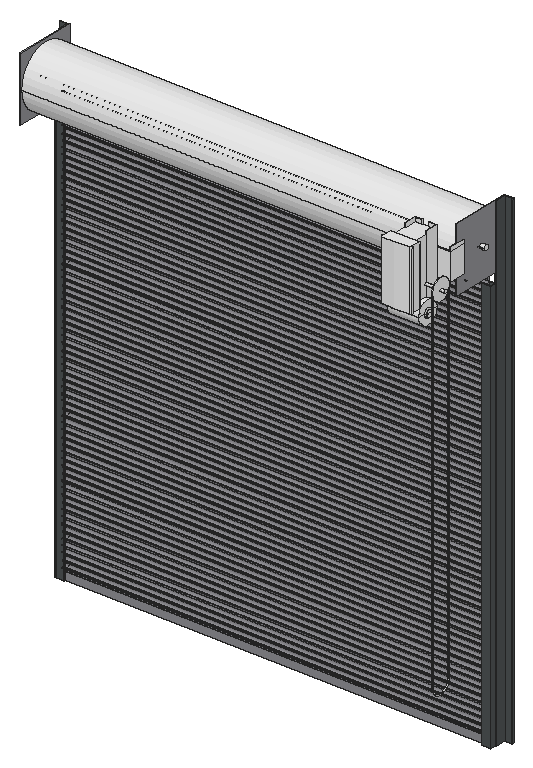
Revit family "Doors_Fire-Doors-Shutters_Overhead-Door-Corporation_FireKing-Fire-Rated-Service-Doors-634_", category Specialty Equipment, host Wall, Revit 2019 (continued)
Definition of nested family "Lifts"
  Dimensions and locks (in)
    aligned and locked: Extrusion 7 sketch curve to plane 1 "Center (Front/Back)"  (x2)
    aligned and locked: Extrusion 8 sketch curve to Extrusion 8 sketch curve  (x4)
    aligned and locked: plane 19 to Extrusion 8 sketch curve
    aligned and locked: Extrusion 8 sketch curve to plane 19
    aligned and locked: plane 4 "Opening Height" to Extrusion 8
    aligned and locked: Extrusion 5 sketch curve to plane 12 "Main"
    aligned and locked: plane 12 "Main" to Extrusion 4 sketch curve
    aligned and locked: Extrusion 9 sketch curve to plane 11  (x2)
    aligned and locked: Extrusion 9 sketch curve to plane 7  (x2)
    aligned and locked: plane 17 to Extrusion 9 sketch curve
    aligned and locked: Extrusion 9 sketch curve to plane 18
    aligned and locked: Masking region 2 sketch curve to Extrusion 4
    aligned and locked: Masking region 2 to curve 2  (x2)
    aligned and locked: Masking region 2 to curve 1  (x2)
    aligned and locked: Masking region 3 sketch curve to Extrusion 7  (x10)
    aligned and locked: Extrusion 7 to Masking region 3 sketch curve
    aligned and locked: Masking region 4 sketch curve to Extrusion 6  (x10)
    aligned and locked: Extrusion 2 to Extrusion 1
    aligned and locked: Extrusion 1 to Extrusion 2
    aligned and locked: curve 1 to Extrusion 9
    aligned and locked: Extrusion 9 to curve 2
    aligned and locked: Masking region 2 to plane 17
    aligned and locked: Masking region 2 to plane 18
    aligned and locked: plane 18 to Masking region 1 sketch curve
    aligned and locked: Masking region 1 sketch curve to plane 17
    aligned and locked: plane 20 to Extrusion 9 sketch curve
    aligned and locked: plane 21 to Extrusion 9 sketch curve
    aligned and locked: plane 20 to Extrusion 4
    aligned and locked: plane 20 to Extrusion 5
    aligned and locked: Extrusion 4 to plane 21
    aligned and locked: Extrusion 5 to plane 21
    aligned and locked: plane 13 to Extrusion 10 sketch curve
    aligned and locked: Extrusion 11 sketch curve to plane 12 "Main"
    aligned and locked: Extrusion 11 sketch curve to plane 7
    aligned and locked: Extrusion 11 sketch curve to plane 11
    aligned and locked: Extrusion 11 sketch curve to plane 8
    aligned and locked: Extrusion 11 to plane 20
    aligned and locked: Extrusion 11 to plane 21
    aligned and locked: plane 20 to Extrusion 10
    aligned and locked: Extrusion 10 to plane 21
    aligned and locked: plane 8 to Extrusion 9
    aligned and locked: Extrusion 11 to curve 3
    aligned and locked: plane 20 to curve 3
    aligned and locked: plane 21 to curve 3
    aligned and locked: Extrusion 7 to plane 7
    aligned and locked: plane 7 to Extrusion 6
    aligned and locked: Extrusion 4 sketch curve to plane 11
    aligned and locked: Extrusion 5 sketch curve to plane 11
  Automatic sketch dimensions
    Extrusion 2 sketch curve to level = 0"
    Extrusion 1 sketch curve to Extrusion 1 sketch curve = 3/8"
    plane 17 to Masking region 2 sketch curve = 0"
    Masking region 2 sketch curve to plane 18 = 0"
    Masking region 2 sketch curve to plane 1 "Center (Front/Back)" = 0"
    radius of Extrusion 3 sketch curve = 0.6"
Definition of nested family "Motor"
  Parameters (values of type "Trolley Motor")
    Wall Mount RSX = if(Chain Hoist, 1 = 2, if(Motor Option = 3, 1 = 1, 1 = 2))  # no
    Top Mount RSX = if(Chain Hoist, 1 = 2, if(Motor Option = 2, 1 = 1, 1 = 2))  # no
    Shaft Material = none
    Real Exterior Wall Offset = if(Wall Mount RSX, Displacement, Exterior Wall Offset + if(and(BJ, Bench Mount RSX, Hood Width < 19 1/2"), 2.6", 0"))  # 6"
    Not Chain Hoist = not(Chain Hoist)  # yes
    Not Bench + Top = not(or(Top Mount RSX, Chain Hoist, Bench Mount RSX))  # yes
    Horizontal Mount = if(Face Mount RSX, 5.08" + 0.12" + 2.38", if(Top Mount RSX, 11.19", if(Wall Mount RSX, 5.08", if(Bench Mount RSX, 4.77" + if(or(Hood Width < 14", Hood Width = 14"), 6.13", if(or(Hood Width < 16", Hood Width = 16"), 4.13", 3 1/4")), 0"))))  # 7.58"
    Not Fire King = if(Chain Hoist, 1 = 2, not(Chain Hoist))  # yes
    Vertical Mount = if(Face Mount RSX, 11.07" + Hood Height / 2, if(Top Mount RSX, 14.92" - 0.13" - 2.38", if(Wall Mount RSX, 20.03" + 6" + Hood Height / 2, if(Bench Mount RSX, 20" + 2.29" + Hood Height / 2, Hood Height))))  # 20.3825"
    Motor Type = if(Motor Option < 2, "RSX FDO Face Mount", if(Motor Option = 2, "RSX FDO Top Mount", if(Motor Option = 3, "RSX Wall Mount", if(Motor Option = 4, "RSX Bench Mount", "Chain Hoist"))))  # "RSX FDO Face Mount"
    Motor Option = 1
    Main Material = none
    Hood Width Real = if(Wall Mount RSX, 0", if(Chain Hoist, if(Hood Height < Hood Width, (Hood Width + (Hood Width - Hood Height)) / 2, Hood Width / 2), Hood Width))  # 17 1/2"
    Hood Width = 17 1/2"
    Hood Height = 18 5/8"
    Hood Mount = if(or(Face Mount RSX, Top Mount RSX), 0.37", if(Wall Mount RSX, if(BJ, 12.24" + BJ Displacement, 14.74"), if(Bench Mount RSX, 14.49", 4.26")))  # 0.37"
    Floor To Cl Shaft = 132 5/16"
    Fire King RHX = 1 = 2  # no
    Top Option Offset = if(or(Top Mount RSX, Bench Mount RSX), 20", 0")  # 0"
    Face+Top = if(Chain Hoist, 1 = 2, if(or(Face Mount RSX, Top Mount RSX), 1 = 1, 1 = 2))  # yes
    Face Mount RSX = if(Chain Hoist, 1 = 2, if(Motor Option < 2, 1 = 1, 1 = 2))  # yes
    Top + Bench = if(Chain Hoist, 1 = 2, if(or(Top Mount RSX, Bench Mount RSX), 1 = 1, 1 = 2))  # no
    Face + Top + Bench = if(Chain Hoist, 1 = 2, if(or(Face Mount RSX, Top Mount RSX, Bench Mount RSX), 1 = 1, 1 = 2))  # yes
    Exterior Wall Offset = 6"
    Displacement = 6"
    Default Elevation = 48"
    Chain V Offset = if(or(Face Mount RSX, Wall Mount RSX), 6.53", if(or(Top Mount RSX, Bench Mount RSX), 18.81", Hood Height / 2))  # 6.53"
    Chain H Offset = if(or(Face Mount RSX, Wall Mount RSX), 1.19", if(or(Top Mount RSX, Bench Mount RSX), 6.53", 0"))  # 1.19"
    Chain Hoist = no
    Bench Mount RSX = if(Chain Hoist, 1 = 2, if(Motor Option > 3, 1 = 1, 1 = 2))  # no
    BJ Displacement = 0"
    BJ = no
    Angle = if(or(Bench Mount RSX, Top Mount RSX), 90.00°, 180.00°)  # 180.00°
  Reference planes (in)
    plane 1 "Center (Front/Back)": y = 0
    plane 2: z = 0
    plane 3 "Center (Left/Right)": x = 0
    plane 4: y = 0
    plane 5: y = 1.19
    plane 6: z = -125.7825
    plane 7: z = -95.7825
    plane 8: z = 6.53
    plane 9 "Chain Hoist": z = 6.53
    plane 10 "Top Of Hood": z = 20.3825
    plane 11: y = 7.58
    plane 12: z = 0
    plane 13 "Hood Face": x = 6.8795
    plane 14: x = 7.2495
    plane 15: y = 25.08
    plane 16 "Wall": y = 31.08
  Forms (in)
    Extrusion 1, solid, material <- "Main Material", visible <- "Not Chain Hoist"
      sketch origin (0, 0, 18.8898) x (1, 0, 0) y (0, 1, 0)
        loop
          line (-4.134, -2.41307) -> (4.116, -2.41307) -> (4.116, -2.29347) -> (3.108, -2.29347)
          arc (3.108, -2.29347) -> (3.02315, -2.25832) -> (2.988, -2.17347) r 0.12
          line (2.988, -2.17347) -> (2.988, 4.96193) -> (-2.988, 4.96193) -> (-2.988, -2.17347)
          arc (-2.988, -2.17347) -> (-3.02315, -2.25832) -> (-3.108, -2.29347) r 0.12
          line (-3.108, -2.29347) -> (-4.134, -2.29347) -> (-4.134, -2.41307)
      from -16.64 to 0
    Extrusion 2, solid, material <- "Main Material", visible <- "Not Chain Hoist"
      sketch origin (0, 0, 18.8898) x (1, 0, 0) y (0, 1, 0)
        loop
          line (-4.134, -2.41307) -> (-4.134, -5.05565) -> (-4.3324, -5.05565) -> (-4.3324, -5.3122)
          arc (-4.3324, -5.3122) -> (-4.24466, -5.55085) -> (-4.02324, -5.67585) r 0.36846
          arc (-4.02324, -5.67585) -> (0, -6.0017) -> (4.02324, -5.67585) r 25
          arc (4.02324, -5.67585) -> (4.24466, -5.55085) -> (4.3324, -5.3122) r 0.36846
          line (4.3324, -5.3122) -> (4.3324, -5.05565) -> (4.116, -5.05565) -> (4.116, -2.41307) -> (-4.134, -2.41307)
      from -17 to 0.35839
    Revolve 3, solid, material <- "Main Material", visible <- "Not Fire King"
      sketch origin (2.0828, 5.66524, 0) x (0, -1, 0) y (1, 0, 0)
        loop
          line (5.66524, -9.0813) -> (5.66524, 3.1162) -> (4.82413, 3.1162) -> (4.82413, 2.7162) -> (4.39283, 2.7162) -> (4.39283, 2.4872) -> (2.44007, 2.4872) -> (2.44007, -6.6585) -> (3.79863, -6.6585) -> (3.79863, -7.51105) -> (3.89778, -7.6102) -> (5.36033, -7.6102) -> (5.36033, -7.8313) -> (4.69783, -7.8313) -> (4.69783, -9.0813) -> (5.66524, -9.0813)
        axis (5.66524, -9.0813) -> (5.66524, 3.1162)
      angle from 0 to 360
    Extrusion 4, solid, material <- "Main Material", visible <- "Wall Mount RSX"
      sketch origin (0, 0, 18.8898) x (1, 0, 0) y (0, 1, 0)
        loop
          line (-2.988, 5.08193) -> (-4.988, 5.08193) -> (-4.988, 4.96193) -> (-3.108, 4.96193) -> (-3.108, 1.46193) -> (-2.988, 1.46193) -> (-2.988, 5.08193)
        loop
          line (2.988, 5.08193) -> (2.988, 1.46193) -> (3.108, 1.46193) -> (3.108, 4.96193) -> (4.988, 4.96193) -> (4.988, 5.08193) -> (2.988, 5.08193)
      from -16.64 to 1.14
    Extrusion 5, solid, material <- "Main Material"
      sketch origin (0, 0.00141, 3.59957) x (0, 0, 1) y (0, -1, 0)
        loop
          circle (2.93043, -1.18859) r 3
      from 7.52 to 7.2495
    Sweep 6, solid, material <- "Main Material"
      path origin (7.38475, 9.53, 48) x (0, 1, 0) y (0, 0, 1)
        loop
          line (-11.34, -41.47) -> (-11.34, -143.7825)
          arc (-11.34, -143.7825) -> (-8.34, -146.7825) -> (-5.34, -143.7825) r 3
          line (-5.34, -143.7825) -> (-5.34, -41.47)
      profile origin (7.38475, -1.81, -44.62625) x (1, 0, 0) y (0, 1, 0)
        loop
          circle (0, 0.1) r 0.1
    Extrusion 7, solid, material <- "Main Material"
      sketch origin (0, 0.00141, 3.59957) x (0, 0, 1) y (0, -1, 0)
        loop
          circle (2.93043, -1.18859) r 0.4
      from 8.82 to 0
    Extrusion 8, solid, material <- "Main Material", visible <- "Face+Top"
      sketch origin (0, 0, 18.8898) x (1, 0, 0) y (0, 1, 0)
        loop
          line (7.2495, 5.08193) -> (7.2495, 9.82193) -> (7.1295, 9.82193) -> (7.1295, 5.20193) -> (-2.988, 5.20193) -> (-2.988, 5.08193) -> (7.2495, 5.08193)
      from -12.32 to -4.32
    Extrusion 9, solid, material <- "Main Material", visible <- "Face + Top + Bench"
      sketch origin (0.25, 0, 18.8898) x (1, 0, 0) y (0, 1, 0)
        loop
          line (-3.358, 5.08193) -> (-3.358, 1.46193) -> (-3.238, 1.46193) -> (-3.238, 4.96193) -> (-1.238, 4.96193) -> (-1.238, 5.08193) -> (-3.358, 5.08193)
        loop
          line (2.858, 5.08193) -> (0.738, 5.08193) -> (0.738, 4.96193) -> (2.738, 4.96193) -> (2.738, 1.46193) -> (2.858, 1.46193) -> (2.858, 5.08193)
      from -16.64 to 1.14
    Extrusion 10, solid, material <- "Main Material", visible <- "Face+Top"
      sketch origin (0, 0, 0) x (0, 0, 1) y (0, -1, 0)
        loop
          line (15.5698, -5.33193) -> (6.5698, -5.33193) -> (6.5698, -9.82193) -> (15.5698, -9.82193) -> (15.5698, -5.33193)
      from 6.8795 to 7.1295
    Extrusion 11, solid, material <- "Main Material", visible <- "Bench Mount RSX"
      sketch origin (0, 0, 18.8898) x (1, 0, 0) y (0, 1, 0)
        loop
          line (-6.9985, 5.08193) -> (3.108, 5.08193) -> (3.108, 5.20193) -> (-7.1205, 5.20193) -> (-7.1205, 1.33693) -> (-6.9985, 1.33693) -> (-6.9985, 5.08193)
      from -10.78 to -1.46
    Extrusion 12, solid, material <- "Main Material", visible <- "Bench Mount RSX"
      sketch origin (0, 0, 0) x (0, 0, 1) y (0, -1, 0)
        loop
          line (8.2698, -1.46193) -> (8.2698, -4.96193) -> (17.2698, -4.96193) -> (17.2698, -1.46193) -> (8.2698, -1.46193)
      from -7.24 to -7.1205
  Lines and regions (in)
    reference lines
      curve 1: line (0, 0, 0) -> (0, 0, 18.8898)
  Dimensions and locks (in)
    Extrusion 4 sketch curve to Extrusion 4 sketch curve = 3.62"
    locked: Extrusion 4 sketch curve to Extrusion 4 sketch curve at 0.12  (x3)
    "Chain H Offset": plane 4 to plane 5
    locked: plane 7 to plane 6 at 30
    locked: Sweep 6 sketch curve to profile plane at 0
    locked: profile plane to Sweep 6 sketch curve at 0.1
    locked: Sweep 6 sketch curve to Sweep 6 sketch curve at 6
    "Floor To Cl Shaft": plane 8 to plane 6
    "Horizontal Mount": plane 1 "Center (Front/Back)" to plane 11
    Extrusion 9 sketch curve to Extrusion 9 sketch curve = 3.62"
    locked: Extrusion 9 sketch curve to Extrusion 9 sketch curve at 0.12  (x3)
    "Top Option Offset": level to plane 12
    "Chain V Offset": plane 9 "Chain Hoist" to plane 12
    equal spacing: Sweep 6 sketch curve, plane 5, Sweep 6 sketch curve
    "Vertical Mount": plane 10 "Top Of Hood" to plane 12
    locked: Extrusion 2 sketch curve to Extrusion 2 sketch curve at 8.25
    locked: Extrusion 2 sketch curve to Extrusion 2 sketch curve at 2.64258
    locked: plane 3 "Center (Left/Right)" to plane 14 at 7.2495
    "Hood Mount": plane 13 "Hood Face" to plane 14
    locked: Extrusion 8 sketch curve to Extrusion 8 sketch curve at 0.12  (x2)
    locked: Extrusion 8 sketch curve to curve 1 at 5.08193
    "Hood Width Real": plane 11 to plane 15
    "Real Exterior Wall Offset": plane 15 to plane 16 "Wall"
    locked: Extrusion 8 sketch curve to Extrusion 8 sketch curve at 4.62
    Revolve 3 sketch curve to Revolve 3 sketch curve to Revolve 3 sketch curve to Revolve 3 sketch curve to Revolve 3 sketch curve to Revolve 3 sketch curve to Revolve 3 sketch curve = 1 1/4" locked, 0.2211" locked, 0.9517" locked, 9.1457" locked, 0.229" locked, 0.4" locked
    Revolve 3 sketch curve to Revolve 3 sketch curve to Revolve 3 sketch curve to Revolve 3 sketch curve to Revolve 3 sketch curve to Revolve 3 sketch curve to Revolve 3 sketch curve to Revolve 3 sketch curve = 0.30491" locked, 0.53619" locked, 0.12631" locked, 0.305" locked, 0.49505" locked, 0.09915" locked, 1.35856" locked
    locked: Extrusion 1 sketch curve to Extrusion 1 sketch curve at 0.1196
    locked: Extrusion 1 sketch curve to Extrusion 1 sketch curve at 5.976
    equal spacing: Extrusion 1 sketch curve, curve 1, Extrusion 1 sketch curve
    locked: curve 1 to Extrusion 1 sketch curve at 2.41307
    locked: Extrusion 1 sketch curve to Extrusion 1 sketch curve at 7.375
    locked: Extrusion 9 sketch curve to curve 1 at 1.46193
    equal spacing: Extrusion 4 sketch curve, curve 1, Extrusion 4 sketch curve
    locked: Extrusion 4 sketch curve to curve 1 at 1.46193
    locked: Extrusion 10 sketch curve to Extrusion 10 sketch curve at 4.49
    locked: Extrusion 10 sketch curve to Extrusion 10 sketch curve at 9
    locked: Extrusion 10 sketch curve to curve 1 at 9.82193
    locked: Extrusion 10 sketch curve to curve 1 at 6.5698
    locked: Revolve 3 sketch curve to plane 3 "Center (Left/Right)" at 4.5757
    locked: Extrusion 4 sketch curve to Extrusion 4 sketch curve at 5.976
    locked: Extrusion 9 sketch curve to plane 3 "Center (Left/Right)" at 2.988
    locked: plane 3 "Center (Left/Right)" to Extrusion 9 sketch curve at 3.108
    locked: Extrusion 4 sketch curve to Extrusion 4 sketch curve at 2
    locked: Extrusion 4 sketch curve to Extrusion 4 sketch curve at 1.88
    locked: Extrusion 8 sketch curve to Extrusion 8 sketch curve at 10.2375
    locked: curve 1 to Extrusion 8 sketch curve at 7.2495
    locked: Extrusion 1 sketch curve to Extrusion 1 sketch curve at 1.128
    locked: Extrusion 1 sketch curve to Extrusion 1 sketch curve at 1.146
    locked: curve 1 to Extrusion 2 sketch curve at 2.41307
    locked: Extrusion 11 sketch curve to Extrusion 11 sketch curve at 0.122
    locked: Extrusion 11 sketch curve to Extrusion 11 sketch curve at 0.12
    locked: Extrusion 11 sketch curve to curve 1 at 6.9985
    locked: Extrusion 11 sketch curve to curve 1 at 5.08193
    locked: Extrusion 11 sketch curve to Extrusion 11 sketch curve at 10.1065
    locked: Extrusion 11 sketch curve to Extrusion 11 sketch curve at 3.865
    locked: Extrusion 12 sketch curve to Extrusion 12 sketch curve at 3.5
    locked: curve 1 to Extrusion 12 sketch curve at 1.46193
    locked: Extrusion 12 sketch curve to Extrusion 12 sketch curve at 9
    locked: Extrusion 12 sketch curve to curve 1 at 10.62
    radius of Extrusion 5 sketch curve = 3"
    radius of Sweep 6 sketch curve = 3"
    radius of Sweep 6 sketch curve = 0.1"
    radius of Extrusion 7 sketch curve = 0.4"
    radius of Extrusion 2 sketch curve = 0.36846"  (x2)
    radius of Extrusion 1 sketch curve = 0.12"  (x2)
    radius of Extrusion 2 sketch curve = 25"
    "Angle": angle curve 1 to plane 1 "Center (Front/Back)"
    angle Extrusion 2 sketch curve to Extrusion 2 sketch curve = 90.00°
    locked: Extrusion 2 sketch curve to Extrusion 2 sketch curve (angle 90.00°)
    aligned and locked: plane 2 to level
    aligned and locked: Revolve 3 sketch curve to Revolve 3 sketch curve
    aligned and locked: plane 1 "Center (Front/Back)" to curve 1
    aligned and locked: level to curve 1
    aligned and locked: plane 1 "Center (Front/Back)" to plane 4
    aligned and locked: Extrusion 4 sketch curve to Extrusion 4 sketch curve  (x3)
    aligned and locked: plane 7 to Sweep 6 sketch curve  (x2)
    aligned and locked: plane 8 to Sweep 6 sketch curve  (x2)
    aligned and locked: plane 5 to Extrusion 5 sketch curve
    aligned and locked: plane 9 "Chain Hoist" to Extrusion 5 sketch curve
    aligned and locked: plane 5 to Extrusion 7 sketch curve
    aligned and locked: plane 9 "Chain Hoist" to Extrusion 7 sketch curve
    aligned and locked: plane 8 to plane 9 "Chain Hoist"
    aligned and locked: Extrusion 9 sketch curve to Extrusion 9 sketch curve  (x3)
    aligned and locked: Extrusion 2 sketch curve to Extrusion 2 sketch curve
    aligned and locked: Extrusion 1 sketch curve to Extrusion 1 sketch curve
    aligned and locked: plane 4 to nested 1
    aligned and locked: plane 3 "Center (Left/Right)" to nested 1
  Automatic sketch dimensions
    plane 1 "Center (Front/Back)" to Revolve 3 sketch curve = 0"
    Revolve 3 sketch curve to Revolve 3 sketch curve = 0.09915"
    Revolve 3 sketch curve to Revolve 3 sketch curve = 4.7892"
    Revolve 3 sketch curve to plane 14 = 1.9628"
    Extrusion 9 sketch curve to plane 3 "Center (Left/Right)" = 0.988"
    plane 3 "Center (Left/Right)" to Extrusion 9 sketch curve = 0.988"
    Extrusion 2 sketch curve to plane 3 "Center (Left/Right)" = 0"
    Extrusion 2 sketch curve to Extrusion 2 sketch curve = 0.1984"
    Extrusion 2 sketch curve to Extrusion 2 sketch curve = 0.15206"
    Extrusion 2 sketch curve to Extrusion 2 sketch curve = 0.25654"
    Extrusion 2 sketch curve to Extrusion 2 sketch curve = 0"  (x2)
    Extrusion 2 sketch curve to Extrusion 2 sketch curve = 0.0593"
  Nested families (in)
    nested 1: "2D_NotScalableMain_29e791da-3db9-4234-ab15-44456784202b" at (0, 0, 0), type "Default"
      with Not Top + Bench yes, Face Mount yes, Chain Hoist no
  Definition of nested family "2D_NotScalableMain_29e791da-3db9-4234-ab15-44456784202b"
    Parameters (values of type "Default")
      Wall Mount = no
      Top Mount = no
      Not Top + Bench = no
      Fire King Face Mount = no
      Face Mount = no
      Top + Bench = no
      Chain Hoist = yes
      Bench Mount = no
    Reference planes (in)
      plane 1 "Center (Front/Back)": y = 0
      plane 2: z = 0
      plane 3 "Center (Left/Right)": x = 0
    Lines and regions (in)
      Masking region 1, in view "Ref. Level", visible <- "Not Top + Bench"
        outline origin (0, 0, 0) x (1, 0, 0) y (0, 1, 0)
          loop
            line (-6.9985, -0.96741) -> (-5.7485, -0.96741) -> (-5.7485, -0.30491) -> (-5.5274, -0.30491) -> (-5.5274, -1.76746) -> (-5.42825, -1.86661) -> (-4.5757, -1.86661) -> (-4.5757, -3.22517) -> (-4.134, -3.22517) -> (-4.134, -5.05565) -> (-4.3324, -5.05565) -> (-4.3324, -5.3122)
            arc (-4.3324, -5.3122) -> (-4.24466, -5.55085) -> (-4.02324, -5.67585) r 0.36846
            arc (-4.02324, -5.67585) -> (0, -6.0017) -> (4.02324, -5.67585) r 25
            arc (4.02324, -5.67585) -> (4.24466, -5.55085) -> (4.3324, -5.3122) r 0.36846
            line (4.3324, -5.3122) -> (4.3324, -5.05565) -> (4.116, -5.05565) -> (4.116, -3.22517) -> (4.57, -3.22517) -> (4.57, -1.27241) -> (4.799, -1.27241) -> (4.799, -0.84111) -> (5.199, -0.84111) -> (5.199, 0.79) -> (7.2495, 0.79) -> (7.2495, -1.81) -> (7.52, -1.81) -> (7.52, 0.79) -> (8.82, 0.79) -> (8.82, 1.59) -> (7.52, 1.59) -> (7.52, 4.19) -> (7.2495, 4.19) -> (7.2495, 1.59) -> (4.57, 1.59) -> (4.57, 3.22517) -> (2.988, 3.22517) -> (2.988, 4.96193) -> (-2.988, 4.96193) -> (-2.988, 3.22517) -> (-4.5757, 3.22517) -> (-4.5757, 1.86661) -> (-5.42825, 1.86661) -> (-5.5274, 1.76746) -> (-5.5274, 0.30491) -> (-5.7485, 0.30491) -> (-5.7485, 0.96741) -> (-6.9985, 0.96741) -> (-6.9985, -0.96741)
      Masking region 2, in view "Ref. Level", visible <- "Fire King Face Mount"
        outline origin (0, 0, 0) x (1, 0, 0) y (0, 1, 0)
          loop
            circle (0, 1.59) r 2.87397
          loop
            line (-2.988, 7.80693) -> (-2.988, 4.96193) -> (2.988, 4.96193) -> (2.988, 7.80693) -> (0.82, 7.80693) -> (0.82, 16.89193) -> (0.57, 16.89193) -> (0.57, 7.80693) -> (-2.988, 7.80693)
      Masking region 3, in view "Ref. Level", visible <- "Face Mount"
        outline origin (0, 0, 0) x (1, 0, 0) y (0, 1, 0)
          loop
            line (-3.108, 1.46193) -> (-2.988, 1.46193) -> (-2.988, 4.96193) -> (2.988, 4.96193) -> (2.988, 1.46193) -> (3.108, 1.46193) -> (3.108, 5.08193) -> (7.2495, 5.08193) -> (7.2495, 9.82193) -> (6.8795, 9.82193) -> (6.8795, 5.33193) -> (7.1295, 5.33193) -> (7.1295, 5.20193) -> (-2.988, 5.20193) -> (-2.988, 5.08193) -> (-3.108, 5.08193) -> (-3.108, 1.46193)
      Masking region 4, in view "Ref. Level", visible <- "Top + Bench"
        outline origin (0, 0, 0) x (1, 0, 0) y (0, 1, 0)
          loop
            line (-6.9985, -0.96741) -> (-5.7485, -0.96741) -> (-5.7485, -0.30491) -> (-5.5274, -0.30491) -> (-5.5274, -1.76746) -> (-5.42825, -1.86661) -> (-4.5757, -1.86661) -> (-4.5757, -3.22517) -> (4.57, -3.22517) -> (4.57, -1.27241) -> (4.799, -1.27241) -> (4.799, -0.84111) -> (5.199, -0.84111) -> (5.199, 0.84111) -> (4.799, 0.84111) -> (4.799, 1.27241) -> (4.57, 1.27241) -> (4.57, 3.22034) -> (4.3324, 3.22034) -> (4.3324, 6.13) -> (7.2495, 6.13) -> (7.2495, 3.53) -> (7.52, 3.53) -> (7.52, 6.13) -> (8.82, 6.13) -> (8.82, 6.93) -> (7.52, 6.93) -> (7.52, 9.53) -> (7.2495, 9.53) -> (7.2495, 6.93) -> (4.3324, 6.93) -> (4.3324, 19.24819) -> (3.108, 19.24819) -> (3.108, 20.0298) -> (0.988, 20.0298) -> (0.988, 19.24819) -> (-0.988, 19.24819) -> (-0.988, 20.0298) -> (-3.108, 20.0298) -> (-3.108, 19.24819) -> (-4.3324, 19.24819) -> (-4.3324, 3.22517) -> (-4.5757, 3.22517) -> (-4.5757, 1.86661) -> (-5.42825, 1.86661) -> (-5.5274, 1.76746) -> (-5.5274, 0.30491) -> (-5.7485, 0.30491) -> (-5.7485, 0.96741) -> (-6.9985, 0.96741) -> (-6.9985, -0.96741)
      Masking region 5, in view "Ref. Level", visible <- "Top Mount"
        outline origin (0, 0, 0) x (1, 0, 0) y (0, 1, 0)
          loop
            line (4.3324, 14.55771) -> (4.3324, 6.93) -> (7.2495, 6.93) -> (7.2495, 14.55771) -> (7.1295, 14.55771) -> (7.1295, 15.55771) -> (6.8795, 15.55771) -> (6.8795, 14.55771) -> (4.3324, 14.55771)
      Masking region 6, in view "Ref. Level", visible <- "Wall Mount"
        outline origin (0, 0, 0) x (1, 0, 0) y (0, 1, 0)
          loop
            line (-4.988, 4.96193) -> (-3.108, 4.96193) -> (-3.108, 1.46193) -> (-2.988, 1.46193) -> (-2.988, 5.08193) -> (-4.988, 5.08193) -> (-4.988, 4.96193)
          loop
            line (2.988, 1.46193) -> (3.108, 1.46193) -> (3.108, 4.96193) -> (4.988, 4.96193) -> (4.988, 5.08193) -> (2.988, 5.08193) -> (2.988, 1.46193)
      Masking region 7, in view "Ref. Level", visible <- "Bench Mount"
        outline origin (0, 0, 0) x (1, 0, 0) y (0, 1, 0)
          loop
            line (-7.24, 9.2698) -> (-7.1205, 9.2698) -> (-7.1205, 9.1098) -> (-4.3324, 9.1098) -> (-4.3324, 17.4298) -> (-7.1205, 17.4298) -> (-7.1205, 17.2698) -> (-7.24, 17.2698) -> (-7.24, 9.2698)
      Masking region 8, in view "Ref. Level", visible <- "Chain Hoist"
        outline origin (0, -6.98957, 0) x (1, 0, 0) y (0, 1, 0)
          loop
            line (4.7396, 6.58957) -> (7.2495, 6.58957) -> (7.2495, 3.98957) -> (7.52, 3.98957) -> (7.52, 6.58957) -> (8.82, 6.58957) -> (8.82, 7.38957) -> (7.52, 7.38957) -> (7.52, 9.98957) -> (7.2495, 9.98957) -> (7.2495, 7.38957) -> (4.7396, 7.38957) -> (4.7396, 6.58957)
      reference lines, in view "Ref. Level"
        curve 1: line (0, 0, 0) -> (0, 0.125, 0)
        curve 2: line (0, 0, 0) -> (0.125, 0, 0)
      detail lines, in view "Ref. Level", visible <- "Not Top + Bench"
        curve 3: line (7.2495, 4.19, 0) -> (7.2495, -1.81, 0)
        curve 4: line (7.52, 4.19, 0) -> (7.52, -1.81, 0)
        curve 5: line (-4.134, -2.29347, 0) -> (-4.134, -5.05565, 0)
        curve 6: line (4.116, -2.29347, 0) -> (4.116, -5.05565, 0)
        curve 7: line (-4.134, -2.41307, 0) -> (4.116, -2.41307, 0)
        curve 8: line (4.116, -2.29347, 0) -> (3.108, -2.29347, 0)
        curve 9: line (2.988, -2.17347, 0) -> (2.988, 4.96193, 0)
        curve 10: line (2.988, 4.96193, 0) -> (-2.988, 4.96193, 0)
        curve 11: line (-2.988, 4.96193, 0) -> (-2.988, -2.17347, 0)
        curve 12: arc (-2.988, -2.17347, 0) -> (-3.02315, -2.25832, 0) -> (-3.108, -2.29347, 0) r 0.12
        curve 13: arc (3.108, -2.29347, 0) -> (3.02315, -2.25832, 0) -> (2.988, -2.17347, 0) r 0.12
        curve 14: line (4.57, -3.22517, 0) -> (4.57, 0.77483, 0)
        curve 15: line (4.799, -1.27241, 0) -> (4.799, 0.77483, 0)
        curve 16: line (5.199, -0.84111, 0) -> (5.199, 0.77483, 0)
        curve 17: line (-4.5757, -3.22517, 0) -> (-4.5757, 3.22517, 0)
        curve 18: line (-5.42825, -1.86661, 0) -> (-5.42825, 1.86661, 0)
        curve 19: line (-5.5274, 1.76746, 0) -> (-5.5274, -1.76746, 0)
        curve 20: line (-5.7485, -0.96741, 0) -> (-5.7485, 0.96741, 0)
        curve 25: line (-4.116, -2.29347, 0) -> (-3.108, -2.29347, 0)
        curve 26: line (5.199, 0.77483, 0) -> (2.988, 0.77483, 0)
        curve 27: line (4.57, 1.59, 0) -> (3.108, 1.59, 0)
      detail lines, in view "Ref. Level", visible <- "Fire King Face Mount"
        curve 21: circle (0, 1.59, 0) r 1.29967 normal (0, 0, 1)
        curve 22: circle (0, 1.59, 0) r 0.87193 normal (0, 0, 1)
        curve 23: line (-2.988, 7.80693, 0) -> (2.988, 7.80693, 0)
        curve 24: line (-2.988, 7.685, 0) -> (2.988, 7.685, 0)
      detail lines, in view "Ref. Level", visible <- "Top + Bench"
        curve 28: line (-4.5757, -3.22517, 0) -> (-4.5757, 3.22517, 0)
        curve 29: line (-5.42825, 1.86661, 0) -> (-5.42825, -1.86661, 0)
        curve 30: line (-5.5274, 1.76746, 0) -> (-5.5274, -1.76746, 0)
        curve 31: line (-5.7485, -0.96741, 0) -> (-5.7485, 0.96741, 0)
        curve 32: line (-4.3324, 1.8898, 0) -> (-4.3324, 19.24819, 0)
        curve 33: line (-4.3324, 1.8898, 0) -> (4.3324, 1.8898, 0)
        curve 34: line (4.3324, 1.8898, 0) -> (4.3324, 19.24819, 0)
        curve 35: line (4.57, 3.22517, 0) -> (4.57, -3.22517, 0)
        curve 36: line (4.799, 1.27241, 0) -> (4.799, -1.22759, 0)
        curve 41: line (2.988, 20.0298, 0) -> (2.988, 19.24819, 0)
        curve 42: line (-2.988, 20.0298, 0) -> (-2.988, 19.24819, 0)
        curve 43: line (-3.108, 19.24819, 0) -> (-0.988, 19.24819, 0)
        curve 44: line (0.988, 19.24819, 0) -> (3.108, 19.24819, 0)
      detail lines, in view "Ref. Level", visible <- "Chain Hoist"
        curve 37: line (7.2495, 3, 0) -> (7.2495, -3, 0)
        curve 38: line (7.52, -3, 0) -> (7.52, 3, 0)
      detail lines, in view "Ref. Level", visible <- "Bench Mount"
        curve 39: line (-7.1205, 17.4298, 0) -> (-7.1205, 9.1098, 0)
        curve 40: line (-6.9985, 17.4298, 0) -> (-6.9985, 9.1098, 0)
    Dimensions and locks (in)
      curve 1 to curve 1 = 1/8"
      curve 2 to curve 2 = 1/8"
      aligned and locked: plane 1 "Center (Front/Back)" to curve 1
      aligned and locked: plane 3 "Center (Left/Right)" to curve 1
      aligned and locked: plane 1 "Center (Front/Back)" to curve 2
Definition of nested family "Label Annotation 1"
  Parameters (values of type "Label Annotation 1-8")
    Label = "Area is too big. Please reduce Door Size."
  Reference planes (in)
    plane 1: y = 0
    plane 2: x = 0
  Text (in)
    label "Label" at (0.00375, -0.00345, 0), shows "Label"
Definition of nested family "Warning Sign"
  Parameters (values of type "Warning Sign")
    Warning Sign [instance] = no
    Default Elevation = 48"
  Reference planes (in)
    plane 1 "Center (Front/Back)": y = 0
    plane 2: z = 0
    plane 3 "Center (Left/Right)": x = 0
    plane 4: y = 0.5
    plane 5: y = -0.5
    plane 6: y = 1
    plane 7: y = 0.25
  Lines and regions (in)
    model lines
      curve 1: line (-2.26129, 1, 45.69444) -> (-26.3817, 1, 3.91667)
      curve 2: line (-25.25106, 1, 3.26389) -> (-1.13064, 1, 45.04167)
      curve 3: arc (2.26129, 1, 45.69444) -> (0, 1, 47) -> (-2.26129, 1, 45.69444) r 2.61111
      curve 4: arc (-1.13064, 1, 45.04167) -> (0, 1, 45.69444) -> (1.13064, 1, 45.04167) r 1.30556
      curve 5: line (1.13064, 1, 45.04167) -> (25.25106, 1, 3.26389)
      curve 6: line (26.3817, 1, 3.91667) -> (2.26129, 1, 45.69444)
      curve 7: arc (25.25106, 1, 3.26389) -> (25.25106, 1, 1.95833) -> (24.12041, 1, 1.30556) r 1.30556
      curve 8: arc (24.12041, 1, 0) -> (26.3817, 1, 1.30556) -> (26.3817, 1, 3.91667) r 2.61111
      curve 9: line (24.12041, 1, 1.30556) -> (-24.12041, 1, 1.30556)
      curve 10: line (-24.12041, 1, 0) -> (24.12041, 1, 0)
      curve 11: arc (-24.12041, 1, 1.30556) -> (-25.25106, 1, 1.95833) -> (-25.25106, 1, 3.26389) r 1.30556
      curve 12: arc (-26.3817, 1, 3.91667) -> (-26.3817, 1, 1.30556) -> (-24.12041, 1, 0) r 2.61111
      curve 13: arc (-2.29479, 1, 8.63537) -> (0, 1, 6.34057) -> (2.29479, 1, 8.63537) r 2.29479
      curve 14: arc (2.29479, 1, 8.63537) -> (0, 1, 10.93016) -> (-2.29479, 1, 8.63537) r 2.29479
      curve 15: arc (-1.6331, 1, 13.97069) -> (0.03439, 1, 12.53727) -> (1.69278, 1, 13.98121) r 1.68043
      curve 16: line (-3.77413, 1, 28.37873) -> (-1.6331, 1, 13.97069)
      curve 17: line (1.69278, 1, 13.98121) -> (3.73924, 1, 28.37873)
      curve 18: arc (3.73924, 1, 28.37873) -> (-0.01745, 1, 32.13541) -> (-3.77413, 1, 28.37873) r 3.75668
      curve 19: line (-2.26129, -0.5, 45.69444) -> (-26.3817, -0.5, 3.91667)
      curve 20: line (-25.25106, -0.5, 3.26389) -> (-1.13064, -0.5, 45.04167)
      curve 21: arc (2.26129, -0.5, 45.69444) -> (0, -0.5, 47) -> (-2.26129, -0.5, 45.69444) r 2.61111
      curve 22: arc (-1.13064, -0.5, 45.04167) -> (0, -0.5, 45.69444) -> (1.13064, -0.5, 45.04167) r 1.30556
      curve 23: line (1.13064, -0.5, 45.04167) -> (25.25106, -0.5, 3.26389)
      curve 24: line (26.3817, -0.5, 3.91667) -> (2.26129, -0.5, 45.69444)
      curve 25: arc (25.25106, -0.5, 3.26389) -> (25.25106, -0.5, 1.95833) -> (24.12041, -0.5, 1.30556) r 1.30556
      curve 26: arc (24.12041, -0.5, 0) -> (26.3817, -0.5, 1.30556) -> (26.3817, -0.5, 3.91667) r 2.61111
      curve 27: line (24.12041, -0.5, 1.30556) -> (-24.12041, -0.5, 1.30556)
      curve 28: line (-24.12041, -0.5, 0) -> (24.12041, -0.5, 0)
      curve 29: arc (-24.12041, -0.5, 1.30556) -> (-25.25106, -0.5, 1.95833) -> (-25.25106, -0.5, 3.26389) r 1.30556
      curve 30: arc (-26.3817, -0.5, 3.91667) -> (-26.3817, -0.5, 1.30556) -> (-24.12041, -0.5, 0) r 2.61111
      curve 31: arc (-2.29479, -0.5, 8.63537) -> (0, -0.5, 6.34057) -> (2.29479, -0.5, 8.63537) r 2.29479
      curve 32: arc (2.29479, -0.5, 8.63537) -> (0, -0.5, 10.93016) -> (-2.29479, -0.5, 8.63537) r 2.29479
      curve 33: arc (-1.6331, -0.5, 13.97069) -> (0.03439, -0.5, 12.53727) -> (1.69278, -0.5, 13.98121) r 1.68043
      curve 34: line (-3.77413, -0.5, 28.37873) -> (-1.6331, -0.5, 13.97069)
      curve 35: line (1.69278, -0.5, 13.98121) -> (3.73924, -0.5, 28.37873)
      curve 36: arc (3.73924, -0.5, 28.37873) -> (-0.01745, -0.5, 32.13541) -> (-3.77413, -0.5, 28.37873) r 3.75668
  Dimensions and locks (in)
    locked: plane 1 "Center (Front/Back)" to plane 4 at 0.5
    equal spacing: plane 1 "Center (Front/Back)", plane 7, plane 4
    locked: plane 4 to plane 6 at 0.5
    locked: plane 5 to plane 1 "Center (Front/Back)" at 0.5
    aligned and locked: plane 2 to level
  Automatic sketch dimensions
    curve 21 to curve 22 = 0"  (x2)
    curve 25 to curve 26 = 0"  (x2)
    curve 29 to curve 30 = 0"  (x2)
    curve 31 to curve 32 = 0"  (x2)
    curve 21 to plane 3 "Center (Left/Right)" = 0"
    curve 31 to plane 3 "Center (Left/Right)" = 0"
    curve 30 to level = 0"
    level to curve 27 = 1.30556"
    curve 26 to curve 27 = 1.30556"
    curve 29 to curve 27 = 1.30556"
    curve 23 to curve 25 = 0.65278"
    curve 20 to curve 29 = 0.65278"
    curve 24 to curve 23 = 0.65278"
    curve 19 to curve 20 = 0.65278"
    level to curve 32 = 8.63537"
    curve 34 to plane 3 "Center (Left/Right)" = 1.6331"
    curve 34 to curve 31 = 5.33532"
    plane 3 "Center (Left/Right)" to curve 35 = 1.69278"
    curve 35 to curve 34 = 0.01052"
    plane 3 "Center (Left/Right)" to curve 33 = 0.02908"
    curve 36 to plane 3 "Center (Left/Right)" = 0.01745"
    curve 36 to curve 33 = 14.16104"
    curve 22 to curve 36 = 16.01016"
    plane 3 "Center (Left/Right)" to curve 23 = 1.13064"
    curve 23 to curve 21 = 0.65278"
    curve 20 to plane 3 "Center (Left/Right)" = 1.13064"
    plane 3 "Center (Left/Right)" to curve 24 = 2.26129"
    curve 24 to curve 22 = 0.65278"
    curve 19 to plane 3 "Center (Left/Right)" = 2.26129"
    curve 34 to curve 36 = 3.75668"
    curve 30 to plane 3 "Center (Left/Right)" = 24.12041"
    plane 3 "Center (Left/Right)" to curve 25 = 24.12041"
    curve 31 to curve 31 = 2.29479"
    curve 3 to curve 4 = 0"  (x2)
    curve 7 to curve 8 = 0"  (x2)
    curve 11 to curve 12 = 0"  (x2)
    curve 13 to curve 14 = 0"  (x2)
    curve 3 to plane 3 "Center (Left/Right)" = 0"
    curve 13 to plane 3 "Center (Left/Right)" = 0"
    curve 12 to level = 0"
    level to curve 9 = 1.30556"
    curve 8 to curve 9 = 1.30556"
    curve 11 to curve 9 = 1.30556"
    curve 5 to curve 7 = 0.65278"
    curve 2 to curve 11 = 0.65278"
    curve 6 to curve 5 = 0.65278"
    curve 1 to curve 2 = 0.65278"
    level to curve 14 = 8.63537"
    curve 16 to plane 3 "Center (Left/Right)" = 1.6331"
    curve 16 to curve 13 = 5.33532"
    plane 3 "Center (Left/Right)" to curve 17 = 1.69278"
    curve 17 to curve 16 = 0.01052"
    plane 3 "Center (Left/Right)" to curve 15 = 0.02908"
    curve 18 to plane 3 "Center (Left/Right)" = 0.01745"
    curve 18 to curve 15 = 14.16104"
    curve 4 to curve 18 = 16.01016"
    plane 3 "Center (Left/Right)" to curve 5 = 1.13064"
    curve 5 to curve 3 = 0.65278"
    curve 2 to plane 3 "Center (Left/Right)" = 1.13064"
    plane 3 "Center (Left/Right)" to curve 6 = 2.26129"
    curve 6 to curve 4 = 0.65278"
    curve 1 to plane 3 "Center (Left/Right)" = 2.26129"
    curve 16 to curve 18 = 3.75668"
    curve 12 to plane 3 "Center (Left/Right)" = 24.12041"
    plane 3 "Center (Left/Right)" to curve 7 = 24.12041"
    curve 13 to curve 13 = 2.29479"
Types (9): name | Voltage | Operator Visibility | Number of Poles | Hood Offset | Headroom Height | Frequency | Door Height True | Door Height (Real) | Floor To (CL) of Shaft | Chain Hoist or Manual | Current | Connector Array | Calculated Area | Apparent Load Phase 3 | Apparent Load Phase 2 | Apparent Load Phase 1
  115 volts, one phase, 60 Hz (110-120V range) | 115 V | yes | 1 | 3" | 21 5/8" | 60 Hz | 141 5/8" | 123" | 132 5/16" | no | 20 A | 3 | 102.927 SF | 0 VA | 0 VA | 2300 VA
  Chain Hoist | 0 V | yes | 1 | 1" | 19 5/8" | 0 Hz | 139 5/8" | 121" | 130 5/16" | yes | 0 A | 2 | 101.253 SF | 0 VA | 0 VA | 0 VA
  208 volts, one phase, 60 Hz (190-207V range) | 208 V | yes | 1 | 3" | 21 5/8" | 60 Hz | 141 5/8" | 123" | 132 5/16" | no | 20 A | 3 | 102.927 SF | 0 VA | 0 VA | 4160 VA
  208 volts, three phase, 60 Hz (190-207 V range) | 208 V | yes | 3 | 3" | 21 5/8" | 60 Hz | 141 5/8" | 123" | 132 5/16" | no | 20 A | 3 | 102.927 SF | 2401.78 VA | 2401.78 VA | 2401.78 VA
  230 volts, one phase, 60 Hz (208-245V range) | 230 V | yes | 1 | 3" | 21 5/8" | 60 Hz | 141 5/8" | 123" | 132 5/16" | no | 20 A | 3 | 102.927 SF | 0 VA | 0 VA | 4600 VA
  230 volts, three phase, 60 Hz (208-245 V range) | 230 V | yes | 3 | 3" | 21 5/8" | 60 Hz | 141 5/8" | 123" | 132 5/16" | no | 20 A | 3 | 102.927 SF | 2655.81 VA | 2655.81 VA | 2655.81 VA
  460 volts, three phase, 60 Hz (456-495 V range) | 460 V | yes | 3 | 3" | 21 5/8" | 60 Hz | 141 5/8" | 123" | 132 5/16" | no | 20 A | 3 | 102.927 SF | 5311.62 VA | 5311.62 VA | 5311.62 VA
  575 volts, three phase, 60 Hz | 575 V | yes | 3 | 3" | 21 5/8" | 60 Hz | 141 5/8" | 123" | 132 5/16" | no | 20 A | 3 | 102.927 SF | 6639.53 VA | 6639.53 VA | 6639.53 VA
  Manual push-up | 0 V | no | 1 | 1" | 19 5/8" | 0 Hz | 139 5/8" | 121" | 130 5/16" | yes | 0 A | 2 | 101.253 SF | 0 VA | 0 VA | 0 VA
